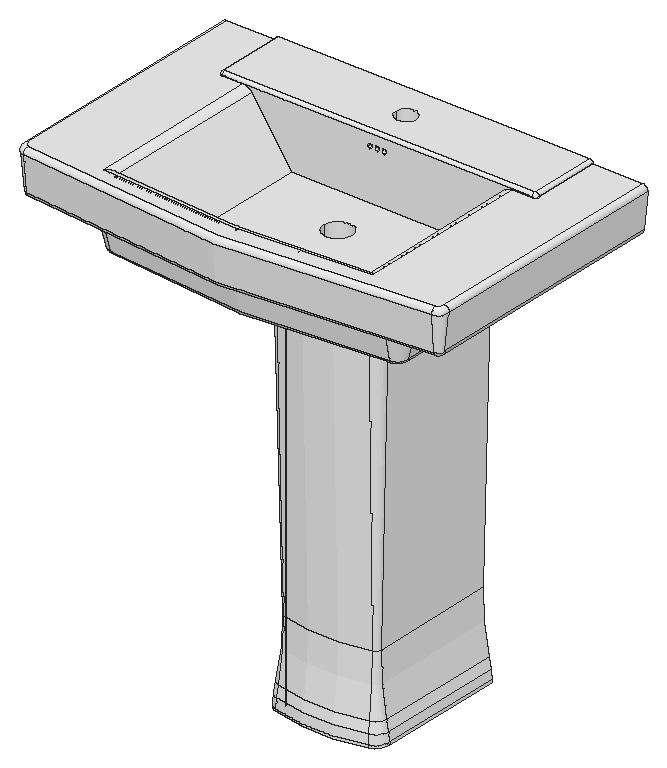
Revit family "Basin-Pedestal-American_Standard-Townsend-0328_Series", category Plumbing Fixtures, Revit 2014
Parameters (values of type "0328.100")
  Width = 19 1/2"  # constant formula
  Waste Connection Radius = 5/8"
  Waste Connection Height = 20 1/2"  # constant formula
  Waste Connection Diameter = Waste Connection Radius * 2  # 1 1/4"
  Waste Connection = yes
  WFU = 2  # constant formula
  Vent Connection = no
  URL = "https://www.americanstandard-us.com/"
  Product URL = "https://www.americanstandard-us.com/bathroom/bathroom-sinks/townsend-pedestal-sink-4-inch-centers-30992"
  Product Documentation Link = "https://www.americanstandard-us.com/-/media/sites/asus/files/product-specs/bathroom-sinks/2017/specsheet-0328800-0328400-0328100.pdf?la=en"
  Price = "Prices may vary. Please consult Manufacturer Representative for most up-to-date price list."  # constant formula
  Model = "0328.100"
  Material = "Fine-American_Standard-Fireclay"
  Manufacturer = "American Standard"  # constant formula
  Length = 30"  # constant formula
  Installation Type = "Pedestal"  # constant formula
  Hot Water Connection Width = 4"  # constant formula
  Hot Water Connection Radius = 1/4"
  Hot Water Connection Height = 22 3/4"  # constant formula
  Hot Water Connection Diameter = Hot Water Connection Radius * 2  # 1/2"
  Height = 35 1/4"  # constant formula
  HWFU = 1.5  # constant formula
  HW Connection = yes
  Faucet Holes Width = 35"
  Far Right Faucet Hole = no
  Far Left Faucet Hole = no
  Description = "Townsend Pedestal Sink - Center Hole Only"
  Default Elevation = 0"
  Creation Date = "05/05/2017"  # constant formula
  Cold Water Connection Width = 4"  # constant formula
  Cold Water Connection Radius = 1/4"
  Cold Water Connection Height = 22 3/4"  # constant formula
  Cold Water Connection Diameter = Cold Water Connection Radius * 2  # 1/2"
  CWFU = 1.5  # constant formula
  CW Connection = yes
  Basin Shape = "Rectangular"  # constant formula
  Assembly Code = "D2010310"
Types (4): name | Product URL | Model | Faucet Holes Width | Far Right Faucet Hole | Far Left Faucet Hole | Description
  (no name) | "https://www.americanstandard-us.com/bathroom/bathroom-sinks/townsend-pedestal-sink-4-inch-centers-30992" | "0328.100" | 35" | no | no | "Townsend Pedestal Sink - Center Hole Only"
  0328.800 | "https://www.americanstandard-us.com/bathroom/bathroom-sinks/townsend-pedestal-sink-8-inch-centers-30995" | "0328.800" | 8" | yes | yes | "Townsend Pedestal Sink - 8\" Centers"
  0328.400 | "https://www.americanstandard-us.com/bathroom/bathroom-sinks/townsend-pedestal-sink-4-inch-centers-30992" | "0328.400" | 4" | yes | yes | "Townsend Pedestal Sink - 4\" Centers"
  0328.100 | "https://www.americanstandard-us.com/bathroom/bathroom-sinks/townsend-pedestal-sink-4-inch-centers-30992" | "0328.100" | 35" | no | no | "Townsend Pedestal Sink - Center Hole Only"
Reference planes (in)
  plane 1 "Center (Front/Back)": y = 0
  plane 2: z = 0
  plane 3 "Center (Left/Right)": x = 0
  plane 4: y = -19.5
  plane 5: y = -8.5
  plane 6: z = 20.5
  plane 7: z = 22.75
  plane 8: z = 35.25
  plane 9: x = 17.5
  plane 10: x = -17.5
  plane 11: z = 34.5
  plane 12: x = 15
  plane 13: x = -15
  plane 14: x = 9.5
  plane 15: x = 9.5
  plane 16: x = 9.5
  plane 17: x = -9.5
  plane 18: y = -5
  plane 19: y = -17.75
  plane 20: y = -2.5
  plane 21: x = -10
  plane 22: x = 10
Forms (in)
  Sweep 1, solid, material "Fine Fireclay-American Standard-020-White"
    path origin (0, 0, 34.125) x (1, 0, 0) y (0, 1, 0)
      loop
        line (11.16556, 0) -> (11.16556, -15.3853)
        arc (11.16556, -15.3853) -> (10.81651, -16.34723) -> (9.93182, -16.86148) r 1.5
        arc (9.93182, -16.86148) -> (0, -17.75) -> (-9.93182, -16.86148) r 55.95267
        arc (-9.93182, -16.86148) -> (-10.81651, -16.34723) -> (-11.16556, -15.3853) r 1.5
        line (-11.16556, -15.3853) -> (-11.16556, 0)
    profile origin (11.16556, -7.69265, 34.125) x (1, 0, 0) y (0, 0, 1)
      loop
        line (-1.1812, -2.06712) -> (-1.1812, -4.81712) -> (-0.88598, -4.81712)
        arc (-0.88598, -4.81712) -> (-0.73224, -4.76426) -> (-0.64352, -4.62804) r 0.25
        line (-0.64352, -4.62804) -> (0, -2.06712) -> (-1.1812, -2.06712)
  Extrusion 2, solid, material "Fine Fireclay-American Standard-020-White"
    sketch origin (0, 0, 0) x (1, 0, 0) y (0, 1, 0)
      loop
        arc (-9.98437, -15.3853) -> (-9.91018, -15.58974) -> (-9.72215, -15.69904) r 0.3188
        arc (-9.72215, -15.69904) -> (0, -16.5688) -> (9.72215, -15.69904) r 54.77147
        arc (9.72215, -15.69904) -> (9.91018, -15.58974) -> (9.98437, -15.3853) r 0.3188
        line (9.98437, -15.3853) -> (9.98437, 0) -> (-9.98437, 0) -> (-9.98437, -15.3853)
    from 29.30788 to 30.88862
  Sweep 3, solid, material "Fine Fireclay-American Standard-020-White"
    path origin (0, 0, 0) x (1, 0, 0) y (0, 1, 0)
      loop
        line (-4, 0) -> (-4, -8.93712)
        arc (-4, -8.93712) -> (-3.8005, -9.53645) -> (-3.28161, -9.89665) r 1
        arc (-3.28161, -9.89665) -> (0, -10.36825) -> (3.28161, -9.89665) r 11.65318
        arc (3.28161, -9.89665) -> (3.8005, -9.53645) -> (4, -8.93712) r 1
        line (4, -8.93712) -> (4, 0)
    profile origin (-4, -4.46856, 0) x (1, 0, 0) y (0, 0, 1)
      loop
        line (0, 0) -> (0.75, 0) -> (0.75, 29.30788) -> (0, 29.30788) -> (0.5682, 5.83544)
        arc (0.5682, 5.83544) -> (0.50445, 3.70002) -> (0.2107, 1.58393) r 19.77361
        line (0.2107, 1.58393) -> (0.06182, 0.81804)
        arc (0.06182, 0.81804) -> (0.01549, 0.49851) -> (0, 0.176) r 3.36483
        line (0, 0.176) -> (0, 0)
  Extrusion 4, solid, not visible
    sketch origin (0, 0, 0) x (1, 0, 0) y (0, 0, 1)
      loop
        circle (0, 20.5) r 0.625
      loop
        circle (2, 22.75) r 0.25
      loop
        circle (-2, 22.75) r 0.25
    from 0 to -0.02766
  Sweep 5, solid, material "Fine Fireclay-American Standard-020-White"
    path origin (0, 0, 35.25) x (1, 0, 0) y (0, 1, 0)
      loop
        line (15, 0) -> (15, -17.47254)
        arc (15, -17.47254) -> (14.82542, -17.95357) -> (14.38297, -18.21066) r 0.75
        arc (14.38297, -18.21066) -> (0.00119, -19.5) -> (-14.3821, -18.22765) r 81.39083
        arc (-14.3821, -18.22765) -> (-14.82514, -17.97074) -> (-15, -17.48938) r 0.75
        line (-15, -17.48938) -> (-15, 0)
    profile origin (15, -8.73627, 35.25) x (1, 0, 0) y (0, 0, 1)
      loop
        line (-0.35263, 0) -> (-0.69646, 0) -> (-0.69646, -3.19212) -> (-0.61456, -3.19212)
        arc (-0.61456, -3.19212) -> (-0.38036, -3.10222) -> (-0.26648, -2.8787) r 0.35
        line (-0.26648, -2.8787) -> (-0.00455, -0.38658)
        arc (-0.00455, -0.38658) -> (-0.09253, -0.1158) -> (-0.35263, 0) r 0.35
  Extrusion 6, solid, material "Fine Fireclay-American Standard-020-White"
    sketch origin (0, 0, -0.375) x (1, 0, 0) y (0, 1, 0)
      loop
        arc (-14.30354, -17.48938) -> (-14.29105, -17.52374) -> (-14.25943, -17.54208) r 0.05354
        arc (-14.25943, -17.54208) -> (0.00078, -18.80354) -> (14.25949, -17.52523) r 80.69437
        arc (14.25949, -17.52523) -> (14.29107, -17.50688) -> (14.30354, -17.47254) r 0.05354
        line (14.30354, -17.47254) -> (14.30354, 0) -> (-14.30354, 0) -> (-14.30354, -17.48938)
      loop
        line (-9.5, -5) -> (-9.5, -17.40568)
        arc (-9.5, -17.40568) -> (0, -18.01619) -> (9.5, -17.40568) r 74.21865
        line (9.5, -17.40568) -> (9.5, -5) -> (-9.5, -5)
    from 32.43288 to 35.625
  Extrusion 7, void
    sketch origin (0, 0, -0.375) x (1, 0, 0) y (0, 1, 0)
      loop
        circle (0, -2.5) r 0.75
      loop
        circle (17.5, -2.5) r 0.75
      loop
        circle (-17.5, -2.5) r 0.75
    from 29.30788 to 36.27251
  Extrusion 8, void
    sketch origin (0, 0, -0.375) x (1, 0, 0) y (0, 1, 0)
      loop
        circle (0, -8.5) r 1
    from 29.30788 to 32.76529
  Extrusion 9, void
    sketch origin (0, 0, 0.875) x (1, 0, 0) y (0, 0, 1)
      loop
        circle (0, 33.625) r 0.17393
      loop
        circle (0.5, 33.625) r 0.17393
      loop
        circle (-0.5, 33.625) r 0.17393
    from 4.79983 to 6.79065
  Extrusion 10, solid, material "Fine Fireclay-American Standard-020-White"
    sketch origin (0, 0, 0) x (1, 0, 0) y (0, 0, 1)
      loop
        arc (-5.41487, 30.41082) -> (-5.73361, 30.50721) -> (-5.9792, 30.73208) r 0.75
        line (-5.9792, 30.73208) -> (-8.88336, 34.92691)
        arc (-8.88336, 34.92691) -> (-9.15192, 35.16434) -> (-9.5, 35.25) r 0.75
        line (-9.5, 35.25) -> (-10.71577, 35.25) -> (-10.71577, 35.125) -> (-9.5, 35.125)
        arc (-9.5, 35.125) -> (-9.20994, 35.05361) -> (-8.98613, 34.85576) r 0.625
        line (-8.98613, 34.85576) -> (-6.08197, 30.66093)
        arc (-6.08197, 30.66093) -> (-5.79545, 30.39858) -> (-5.42359, 30.28613) r 0.875
        line (-5.42359, 30.28613) -> (-1.00275, 29.97699)
        arc (-1.00275, 29.97699) -> (0, 29.94197) -> (1.00275, 29.97699) r 14.375
        line (1.00275, 29.97699) -> (5.42359, 30.28613)
        arc (5.42359, 30.28613) -> (5.79545, 30.39858) -> (6.08197, 30.66093) r 0.875
        line (6.08197, 30.66093) -> (8.98613, 34.85576)
        arc (8.98613, 34.85576) -> (9.20994, 35.05361) -> (9.5, 35.125) r 0.625
        line (9.5, 35.125) -> (10.14944, 35.125) -> (10.14944, 35.25) -> (9.5, 35.25)
        arc (9.5, 35.25) -> (9.15192, 35.16434) -> (8.88336, 34.92691) r 0.75
        line (8.88336, 34.92691) -> (5.9792, 30.73208)
        arc (5.9792, 30.73208) -> (5.73361, 30.50721) -> (5.41487, 30.41082) r 0.75
        line (5.41487, 30.41082) -> (0.99403, 30.10169)
        arc (0.99403, 30.10169) -> (0, 30.06697) -> (-0.99403, 30.10169) r 14.25
        line (-0.99403, 30.10169) -> (-5.41487, 30.41082)
    from 4.30355 to 17.52047
  Sweep 11, solid, material "Fine Fireclay-American Standard-020-White"
    path origin (0, -0.5, 35.25) x (1, 0, 0) y (0, 1, 0)
      loop
        arc (-10, -16.72074) -> (0, -17.39859) -> (10, -16.72074) r 74.10105
    profile origin (0, -17.89859, 35.25) x (0, 1, 0) y (0, 0, 1)
      loop
        arc (0.61664, -0.32309) -> (0.34808, -0.08566) -> (0, 0) r 0.75
        line (0, 0) -> (-0.1176, 0) -> (-0.1176, -0.25) -> (0, -0.25)
        arc (0, -0.25) -> (0.23205, -0.30711) -> (0.41109, -0.46539) r 0.5
        line (0.41109, -0.46539) -> (3.10836, -4.36138) -> (3.41243, -4.36138) -> (0.61664, -0.32309)
  Extrusion 12, solid, material "Fine Fireclay-American Standard-020-White"
    sketch origin (0, 0, 0) x (1, 0, 0) y (0, 0, 1)
      loop
        line (-9.98437, 30.88862) -> (9.9976, 30.88862) -> (9.9976, 32.05788) -> (-9.98437, 32.05788) -> (-9.98437, 30.88862)
    from 0 to 5
  Sweep 13, solid, material "Fine Fireclay-American Standard-020-White"
    path origin (0, 0, 35.25) x (1, 0, 0) y (0, 1, 0)
      loop
        line (-11.16556, 0) -> (-11.16556, -4.75)
        arc (-11.16556, -4.75) -> (-11.09234, -4.92678) -> (-10.91556, -5) r 0.25
        line (-10.91556, -5) -> (10.91556, -5)
        arc (10.91556, -5) -> (11.09234, -4.92678) -> (11.16556, -4.75) r 0.25
        line (11.16556, -4.75) -> (11.16556, 0)
    profile origin (-11.16556, -2.375, 35.25) x (1, 0, 0) y (0, 0, 1)
      loop
        line (0, 0) -> (0.24657, 0) -> (0.24657, 0.25) -> (0.21457, 0.25)
        arc (0.21457, 0.25) -> (0.06285, 0.18715) -> (0, 0.03543) r 0.21457
        line (0, 0.03543) -> (0, 0)
  Extrusion 14, solid, material "Fine Fireclay-American Standard-020-White"
    sketch origin (0, 0, 35.25) x (1, 0, 0) y (0, 1, 0)
      loop
        line (-10.91899, -4.75343) -> (10.91899, -4.75343) -> (10.91899, 0) -> (-10.91899, 0) -> (-10.91899, -4.75343)
    from 0 to 0.25
  Extrusion 15, solid, material "Fine Fireclay-American Standard-020-White"
    sketch origin (0, 0, 0) x (1, 0, 0) y (0, 1, 0)
      loop
        arc (-9.5, -17.40568) -> (0, -18.01619) -> (9.5, -17.40568) r 74.21865
        line (9.5, -17.40568) -> (9.5, -15.73864) -> (-9.5, -15.73864) -> (-9.5, -17.40568)
    from 32.05788 to 32.2251
  Extrusion 16, void
    sketch origin (0, 0, 0) x (0, 1, 0) y (0, 0, 1)
      loop
        line (-16.21769, 32.05788) -> (-17.96769, 32.05788) -> (-17.96769, 29.79933) -> (-16.21769, 29.79933) -> (-16.21769, 32.05788)
    from -10.48315 to 12
Cuts and joins
  Extrusion 7, Extrusion 8, Extrusion 9 cuts Sweep 1
  Extrusion 7, Extrusion 8, Extrusion 9 cuts Extrusion 2
  Extrusion 7, Extrusion 8 cuts Sweep 3
  Extrusion 7, Extrusion 8, Extrusion 9 cuts Sweep 5
  Extrusion 7, Extrusion 8, Extrusion 9 cuts Extrusion 6
  Extrusion 7, Extrusion 8, Extrusion 9, Extrusion 16 cuts Extrusion 10
  Extrusion 7, Extrusion 8, Extrusion 9, Extrusion 16 cuts Sweep 11
  Extrusion 7, Extrusion 8, Extrusion 9 cuts Extrusion 12
  Extrusion 7, Extrusion 8 cuts Sweep 13
  Extrusion 7, Extrusion 8 cuts Extrusion 14
  Extrusion 7 cuts Extrusion 15
  joined: Sweep 1, Extrusion 2, Sweep 3, Sweep 5, Extrusion 6, Extrusion 10, Sweep 11, Extrusion 12, Sweep 13, Extrusion 14, Extrusion 15
Lines and regions (in)
  Masking region 1
    outline origin (0, 0, 0) x (1, 0, 0) y (0, 1, 0)
      loop
        line (-14.99545, 0) -> (-14.99545, -17.50156)
        arc (-14.99545, -17.50156) -> (-14.82559, -17.96953) -> (-14.39511, -18.21958) r 0.72954
        arc (-14.39511, -18.21958) -> (-0.00505, -19.5) -> (14.38361, -18.20409) r 81.01147
        arc (14.38361, -18.20409) -> (14.82563, -17.94686) -> (15, -17.46609) r 0.75
        line (15, -17.46609) -> (15, 0) -> (-14.99545, 0)
  symbolic lines, detail levels medium+fine
    curve 1: line (-11.16556, 0, 0) -> (-11.16556, -4.75, 0)
    curve 2: line (11.16556, -4.75, 0) -> (11.16556, 0, 0)
    curve 3: arc (10.91556, -5, 0) -> (11.09234, -4.92678, 0) -> (11.16556, -4.75, 0) r 0.25
    curve 4: line (-9.5, -5, 0) -> (9.5, -5, 0)
    curve 5: arc (-11.16556, -4.75, 0) -> (-11.09234, -4.92678, 0) -> (-10.91556, -5, 0) r 0.25
    curve 8: circle (0, -8.5, 0) r 1 normal (0, 0, 1)
    curve 9: circle (0, -2.5, 0) r 0.75 normal (0, 0, 1)
    curve 10: line (-9.5, -5, 0) -> (-10.91556, -5, 0)
    curve 11: line (10.91556, -5, 0) -> (9.5, -5, 0)
    curve 12: arc (-8.60563, -17.29682, 0) -> (0.00089, -17.75, 0) -> (8.60684, -17.2863, 0) r 81.01102
    curve 13: line (-9.5, -5, 0) -> (-9.5, -16.30242, 0)
    curve 14: line (9.5, -5, 0) -> (9.5, -16.29202, 0)
    curve 15: arc (-9.5, -16.30242, 0) -> (-9.24351, -16.97114, 0) -> (-8.60563, -17.29682, 0) r 1
    curve 16: arc (8.60684, -17.2863, 0) -> (9.24392, -16.96029, 0) -> (9.5, -16.29202, 0) r 1
  symbolic lines, detail levels fine
    curve 6: line (-6.58517, -13.80823, 0) -> (-6.58517, -7.06479, 0)
    curve 7: line (6.58517, -7.06479, 0) -> (6.58517, -13.80142, 0)
    curve 17: arc (-5.65436, -14.80583, 0) -> (0.00073, -15, 0) -> (5.65558, -14.79894, 0) r 81.01102
    curve 18: line (-5.58517, -6.06479, 0) -> (5.58517, -6.06479, 0)
    curve 19: arc (-6.58517, -13.80823, 0) -> (-6.31633, -14.49043, 0) -> (-5.65436, -14.80583, 0) r 1
    curve 20: arc (5.65558, -14.79894, 0) -> (6.31674, -14.48318, 0) -> (6.58517, -13.80142, 0) r 1
    curve 21: arc (-6.58517, -7.06479, 0) -> (-6.29227, -6.35768, 0) -> (-5.58517, -6.06479, 0) r 1
    curve 22: arc (5.58517, -6.06479, 0) -> (6.29227, -6.35768, 0) -> (6.58517, -7.06479, 0) r 1
    curve 25: spline (-0.67157, -5.14557, 0) -> (-0.64062, -5.11192, 0) -> (-0.57202, -5.089, 0) -> (-0.48413, -5.08294, 0) -> (-0.4005, -5.09538, 0) -> (-0.3435, -5.12297, 0) -> (-0.32841, -5.15834, 0) -> (-0.35925, -5.192, 0) -> (-0.42778, -5.21496, 0) -> (-0.51565, -5.22106, 0) -> (-0.59932, -5.20867, 0) -> (-0.65641, -5.1811, 0) -> (-0.67157, -5.14557, 0)
    curve 26: spline (0.17161, -5.14574, 0) -> (0.15641, -5.1811, 0) -> (0.09932, -5.20867, 0) -> (0.01565, -5.22106, 0) -> (-0.07222, -5.21496, 0) -> (-0.14075, -5.192, 0) -> (-0.17159, -5.15834, 0) -> (-0.1565, -5.12297, 0) -> (-0.0995, -5.09538, 0) -> (-0.01587, -5.08294, 0) -> (0.07202, -5.089, 0) -> (0.14062, -5.11192, 0) -> (0.17161, -5.14574, 0)
    curve 27: spline (0.67161, -5.14574, 0) -> (0.65641, -5.1811, 0) -> (0.59932, -5.20867, 0) -> (0.51565, -5.22106, 0) -> (0.42778, -5.21496, 0) -> (0.35925, -5.192, 0) -> (0.32841, -5.15834, 0) -> (0.3435, -5.12297, 0) -> (0.4005, -5.09538, 0) -> (0.48413, -5.08294, 0) -> (0.57202, -5.089, 0) -> (0.64062, -5.11192, 0) -> (0.67161, -5.14574, 0)
  symbolic lines, visible <- "Far Left Faucet Hole", detail levels medium+fine
    curve 23: circle (-17.5, -2.5, 0) r 0.75 normal (0, 0, 1)
  symbolic lines, visible <- "Far Right Faucet Hole", detail levels medium+fine
    curve 24: circle (17.5, -2.5, 0) r 0.75 normal (0, 0, 1)
Dimensions and locks (in)
  plane 5 to plane 1 "Center (Front/Back)" = 8 1/2"
  "Width": plane 4 to plane 1 "Center (Front/Back)"
  plane 6 to plane 2 = 20 1/2"
  plane 7 to plane 2 = 22 3/4"
  plane 10 to plane 9 = 35"
  "Faucet Holes Width": plane 10 to plane 9
  equal spacing: plane 10, plane 3 "Center (Left/Right)", plane 9
  "Length": plane 13 to plane 12
  "Height": plane 8 to plane 2
  plane 18 to plane 1 "Center (Front/Back)" = 5"
  plane 19 to plane 18 = 12 3/4"
  aligned and locked: plane 9 to Extrusion 7 sketch curve
  aligned and locked: plane 10 to Extrusion 7 sketch curve
  aligned and locked: curve 23 to cut or joined group 1 (Sweep 1, Extrusion 2, Sweep 3, Sweep 5, Extrusion 6, Extrusion 7, Extrusion 8, Extrusion 9, Extrusion 10, Sweep 11, Extrusion 12, Sweep 13, Extrusion 14, Extrusion 15, Extrusion 16)
  aligned and locked: curve 24 to cut or joined group 1
Automatic sketch dimensions
  plane 1 "Center (Front/Back)" to curve 1 = 0"
  plane 18 to curve 10 = 0"
  curve 13 to plane 17 = 0"
  curve 8 to plane 3 "Center (Left/Right)" = 0"
  curve 9 to plane 3 "Center (Left/Right)" = 0"
  curve 16 to plane 14 = 0"
  plane 1 "Center (Front/Back)" to curve 2 = 0"
  plane 5 to curve 8 = 0"
  plane 20 to curve 9 = 0"
  curve 10 to curve 4 = 1.41556"
  curve 1 to curve 5 = 1/4"
  plane 17 to curve 15 = 1"
  plane 17 to curve 6 = 2.91483"
  curve 21 to curve 18 = 1"
  curve 19 to curve 19 = 1"
  curve 12 to plane 3 "Center (Left/Right)" = 0.04864"
  curve 17 to plane 3 "Center (Left/Right)" = 0.04864"
  plane 18 to curve 18 = 1.06479"
  curve 18 to plane 14 = 3.91483"
  curve 20 to plane 14 = 3.91483"
  curve 22 to curve 7 = 1"
  curve 16 to curve 14 = 1"
  plane 14 to curve 11 = 1.41556"
  curve 2 to plane 18 = 1/4"
  curve 7 to plane 19 = 3.94858"
  curve 6 to plane 19 = 3.94177"
  curve 14 to plane 19 = 1.45798"
  curve 15 to plane 19 = 1.44758"
  curve 12 to plane 1 "Center (Front/Back)" = 63.261"
  curve 12 to curve 17 = 2 3/4"
  curve 12 to curve 15 = 0"
  curve 17 to curve 19 = 0"
  plane 1 "Center (Front/Back)" to Sweep 1 sketch curve = 0"  (x2)
  Sweep 1 sketch curve to plane 3 "Center (Left/Right)" = 0"
  Sweep 1 sketch curve to plane 17 = 0.16556"
  Sweep 1 sketch curve to Sweep 1 sketch curve = 1 1/2"  (x2)
  plane 14 to Sweep 1 sketch curve = 0.16556"
  Sweep 1 sketch curve to plane 19 = 2.3647"  (x2)
  Sweep 1 sketch curve to plane 1 "Center (Front/Back)" = 38.20267"
  Sweep 1 sketch curve to Sweep 1 sketch curve = 0"
  profile plane to Sweep 1 sketch curve = 0"
  profile plane to Sweep 1 sketch curve = 0.64352"
  Sweep 1 sketch curve to Sweep 1 sketch curve = 0.24246"
  profile plane to Sweep 1 sketch curve = 1.1812"
  Sweep 1 sketch curve to profile plane = 4.81712"
  Sweep 1 sketch curve to Sweep 1 sketch curve = 0.18907"
  Sweep 1 sketch curve to profile plane = 2.06712"
  plane 1 "Center (Front/Back)" to Extrusion 2 sketch curve = 0"
  Extrusion 2 sketch curve to plane 3 "Center (Left/Right)" = 0"
  Extrusion 2 sketch curve to plane 17 = 0.16556"
  Extrusion 2 sketch curve to Extrusion 2 sketch curve = 0.3188"
  plane 14 to Extrusion 2 sketch curve = 0.16556"
  plane 14 to Extrusion 2 sketch curve = 31/64"
  Extrusion 2 sketch curve to plane 19 = 2.3647"  (x2)
  Extrusion 2 sketch curve to plane 1 "Center (Front/Back)" = 38.20267"
  Extrusion 2 sketch curve to Extrusion 2 sketch curve = 0"
  plane 1 "Center (Front/Back)" to Sweep 3 sketch curve = 0"  (x2)
  Sweep 3 sketch curve to plane 3 "Center (Left/Right)" = 0"
  plane 5 to Sweep 3 sketch curve = 0.43712"  (x2)
  Sweep 3 sketch curve to plane 3 "Center (Left/Right)" = 3"
  Sweep 3 sketch curve to Sweep 3 sketch curve = 1"  (x2)
  plane 3 "Center (Left/Right)" to Sweep 3 sketch curve = 3"
  Sweep 3 sketch curve to plane 1 "Center (Front/Back)" = 1.28492"
  Sweep 3 sketch curve to Sweep 3 sketch curve = 0"
  Sweep 3 sketch curve to level = 0"
  profile plane to Sweep 3 sketch curve = 0"  (x2)
  level to Sweep 3 sketch curve = 5.35692"
  profile plane to Sweep 3 sketch curve = 19.19962"
  Sweep 3 sketch curve to profile plane = 0.06182"
  Sweep 3 sketch curve to profile plane = 0.2107"
  Sweep 3 sketch curve to profile plane = 0.5682"
  Sweep 3 sketch curve to profile plane = 3/4"
  level to Sweep 3 sketch curve = 0.176"
  Sweep 3 sketch curve to Sweep 3 sketch curve = 2.61483"
  Sweep 3 sketch curve to Sweep 3 sketch curve = 0.76589"
  Sweep 3 sketch curve to Sweep 3 sketch curve = 23.47245"
  Extrusion 4 sketch curve to plane 7 = 0"  (x2)
  Extrusion 4 sketch curve to plane 3 "Center (Left/Right)" = 0"
  Extrusion 4 sketch curve to plane 6 = 0"
  Extrusion 4 sketch curve to plane 3 "Center (Left/Right)" = 2"
  plane 3 "Center (Left/Right)" to Extrusion 4 sketch curve = 2"
  Sweep 5 sketch curve to plane 13 = 0"
  Sweep 5 sketch curve to plane 12 = 0"
  plane 1 "Center (Front/Back)" to Sweep 5 sketch curve = 0"  (x2)
  Sweep 5 sketch curve to plane 19 = 0.26062"
  Sweep 5 sketch curve to plane 13 = 3/4"
  Sweep 5 sketch curve to plane 3 "Center (Left/Right)" = 3/64"
  Sweep 5 sketch curve to plane 19 = 0.27746"
  Sweep 5 sketch curve to Sweep 5 sketch curve = 3/4"
  Sweep 5 sketch curve to plane 1 "Center (Front/Back)" = 61.89082"
  Sweep 5 sketch curve to Sweep 5 sketch curve = 0"
  Sweep 5 sketch curve to profile plane = 0"
  profile plane to Sweep 5 sketch curve = 0.69646"
  Sweep 5 sketch curve to Sweep 5 sketch curve = 0.0819"
  Sweep 5 sketch curve to Sweep 5 sketch curve = 0.34384"
  profile plane to Sweep 5 sketch curve = 0.26648"
  profile plane to Sweep 5 sketch curve = 0.00455"
  Sweep 5 sketch curve to profile plane = 0.35"
  Sweep 5 sketch curve to Sweep 5 sketch curve = 2.49212"
  Sweep 5 sketch curve to Sweep 5 sketch curve = 0.03658"
  plane 1 "Center (Front/Back)" to Extrusion 6 sketch curve = 0"
  Extrusion 6 sketch curve to plane 17 = 0"
  Extrusion 6 sketch curve to plane 3 "Center (Left/Right)" = 0"
  Extrusion 6 sketch curve to plane 14 = 0"
  plane 18 to Extrusion 6 sketch curve = 0"
  Extrusion 6 sketch curve to plane 13 = 3/4"
  Extrusion 6 sketch curve to Extrusion 6 sketch curve = 0.05354"  (x2)
  Extrusion 6 sketch curve to plane 3 "Center (Left/Right)" = 3/64"
  Extrusion 6 sketch curve to plane 12 = 3/4"
  Extrusion 6 sketch curve to plane 19 = 0.34432"
  Extrusion 6 sketch curve to plane 19 = 0.27746"
  Extrusion 6 sketch curve to plane 19 = 0.26062"
  Extrusion 6 sketch curve to plane 1 "Center (Front/Back)" = 56.20246"
  Extrusion 6 sketch curve to Extrusion 6 sketch curve = 5.68836"
  Extrusion 6 sketch curve to Extrusion 6 sketch curve = 0"
  Extrusion 8 sketch curve to plane 3 "Center (Left/Right)" = 0"
  plane 5 to Extrusion 8 sketch curve = 0"
  Extrusion 9 sketch curve to plane 11 = 0"  (x3)
  Extrusion 9 sketch curve to plane 3 "Center (Left/Right)" = 0"
  Extrusion 9 sketch curve to plane 3 "Center (Left/Right)" = 1/2"
  Extrusion 9 sketch curve to Extrusion 9 sketch curve = 1/2"
  Extrusion 10 sketch curve to Extrusion 10 sketch curve = 0"  (x10)
  Extrusion 10 sketch curve to plane 8 = 0"  (x2)
  Extrusion 10 sketch curve to plane 17 = 0"
  Extrusion 10 sketch curve to plane 3 "Center (Left/Right)" = 0"
  Extrusion 10 sketch curve to plane 14 = 0"
  Extrusion 10 sketch curve to plane 8 = 1/8"  (x2)
  Extrusion 10 sketch curve to Extrusion 10 sketch curve = 1.21577"
  Extrusion 10 sketch curve to plane 8 = 0.39424"
  plane 17 to Extrusion 10 sketch curve = 0.51387"
  Extrusion 10 sketch curve to plane 8 = 0.32309"  (x2)
  plane 17 to Extrusion 10 sketch curve = 3.41803"
  Extrusion 10 sketch curve to Extrusion 10 sketch curve = 0.10277"  (x3)
  Extrusion 10 sketch curve to Extrusion 10 sketch curve = 0.5556"
  Extrusion 10 sketch curve to Extrusion 10 sketch curve = 0.00872"  (x4)
  Extrusion 10 sketch curve to Extrusion 10 sketch curve = 0.05232"  (x2)
  Extrusion 10 sketch curve to plane 3 "Center (Left/Right)" = 1.00275"
  plane 3 "Center (Left/Right)" to Extrusion 10 sketch curve = 0.99403"
  Extrusion 10 sketch curve to plane 14 = 4.13744"
  Extrusion 10 sketch curve to Extrusion 10 sketch curve = 0.56432"
  Extrusion 10 sketch curve to plane 14 = 0.61664"
  Extrusion 10 sketch curve to Extrusion 10 sketch curve = 0.64944"
  Extrusion 10 sketch curve to plane 8 = 4.09101"  (x2)
  Extrusion 10 sketch curve to Extrusion 10 sketch curve = 0.42691"  (x2)
  Extrusion 10 sketch curve to Extrusion 10 sketch curve = 0.07115"  (x2)
  Extrusion 10 sketch curve to Extrusion 10 sketch curve = 0.30914"
  Extrusion 10 sketch curve to Extrusion 10 sketch curve = 0.1247"
  plane 8 to Extrusion 10 sketch curve = 9.06697"
  Sweep 11 sketch curve to plane 21 = 0"
  Sweep 11 sketch curve to plane 3 "Center (Left/Right)" = 0"
  Sweep 11 sketch curve to plane 22 = 0"
  Sweep 11 sketch curve to plane 1 "Center (Front/Back)" = 56.20246"
  Sweep 11 sketch curve to plane 19 = 0.52926"
  Sweep 11 sketch curve to Sweep 11 sketch curve = 0"  (x2)
  Sweep 11 sketch curve to profile plane = 0"  (x2)
  Sweep 11 sketch curve to Sweep 11 sketch curve = 0.1176"
  Sweep 11 sketch curve to profile plane = 0.41109"
  Sweep 11 sketch curve to profile plane = 0.32309"
  Sweep 11 sketch curve to Sweep 11 sketch curve = 0.20555"
  Sweep 11 sketch curve to Sweep 11 sketch curve = 0.30407"
  Sweep 11 sketch curve to Sweep 11 sketch curve = 0.1423"
  Extrusion 12 sketch curve to plane 17 = 31/64"
  plane 14 to Extrusion 12 sketch curve = 0.4976"
  Extrusion 12 sketch curve to plane 8 = 4.36138"
  Extrusion 12 sketch curve to Extrusion 12 sketch curve = 1.16927"
  plane 1 "Center (Front/Back)" to Sweep 13 sketch curve = 0"  (x2)
  plane 18 to Sweep 13 sketch curve = 0"
  Sweep 13 sketch curve to plane 18 = 1/4"  (x2)
  Sweep 13 sketch curve to plane 17 = 1.66556"
  plane 14 to Sweep 13 sketch curve = 1.41556"
  profile plane to Sweep 13 sketch curve = 0"
  Sweep 13 sketch curve to profile plane = 0"
  Sweep 13 sketch curve to profile plane = 0.21457"
  Sweep 13 sketch curve to Sweep 13 sketch curve = 0.032"
  profile plane to Sweep 13 sketch curve = 0.03543"
  plane 1 "Center (Front/Back)" to Extrusion 14 sketch curve = 0"
  Extrusion 14 sketch curve to plane 17 = 1.41899"
  Extrusion 14 sketch curve to plane 18 = 0.24657"
  plane 14 to Extrusion 14 sketch curve = 1.41899"
  plane 1 "Center (Front/Back)" to Masking region 1 sketch curve = 0"
  Masking region 1 sketch curve to plane 12 = 0"
  Masking region 1 sketch curve to plane 19 = 0.28391"
  Masking region 1 sketch curve to Masking region 1 sketch curve = 3/4"
  Masking region 1 sketch curve to plane 3 "Center (Left/Right)" = 0.04864"
  Masking region 1 sketch curve to plane 19 = 0.24844"
  Masking region 1 sketch curve to plane 13 = 0.73409"
  Masking region 1 sketch curve to plane 13 = 0.00455"
  Masking region 1 sketch curve to plane 1 "Center (Front/Back)" = 61.51145"
  Masking region 1 sketch curve to Masking region 1 sketch curve = 0"
  Extrusion 15 sketch curve to plane 17 = 0"
  Extrusion 15 sketch curve to plane 3 "Center (Left/Right)" = 0"
  Extrusion 15 sketch curve to plane 14 = 0"
  Extrusion 15 sketch curve to plane 19 = 0.34432"
  Extrusion 15 sketch curve to Extrusion 15 sketch curve = 1.66704"
  Extrusion 15 sketch curve to plane 1 "Center (Front/Back)" = 56.20246"
  Sweep 11 sketch curve to profile plane = 4.36138"
  Sweep 11 sketch curve to profile plane = 3.10836"
  plane 19 to Extrusion 16 sketch curve = 0.21769"
  Extrusion 16 sketch curve to plane 19 = 1.53231"
  plane 7 to Extrusion 16 sketch curve = 7.04933"
  Extrusion 16 sketch curve to Extrusion 16 sketch curve = 2.25855"
  curve 26 to plane 3 "Center (Left/Right)" = 0"
  plane 18 to curve 25 = 0.14574"
  curve 25 to plane 3 "Center (Left/Right)" = 0.67161"
  curve 25 to curve 25 = 0.00004"
  curve 25 to curve 25 = 0.17157"
  curve 25 to curve 25 = 0.17232"
  plane 3 "Center (Left/Right)" to curve 26 = 0.17157"
  curve 26 to curve 26 = 0.00004"
  curve 26 to curve 26 = 0.0007"
  plane 18 to curve 27 = 0.152"
  curve 26 to curve 27 = 0.32768"
  curve 27 to curve 27 = 0.17157"
  curve 27 to curve 27 = 0.00004"
  curve 27 to curve 27 = 0.0007"
  plane 18 to curve 26 = 0.152"
  curve 25 to curve 26 = 0"
  curve 27 to curve 27 = 0.00625"
  curve 26 to curve 26 = 0.00625"
  Extrusion 7 sketch curve to plane 3 "Center (Left/Right)" = 0"
  plane 20 to Extrusion 7 sketch curve = 0"  (x3)
  radius of curve 8 = 1"
  radius of curve 9 = 3/4"
  radius of Extrusion 4 sketch curve = 5/8"
  radius of Extrusion 4 sketch curve = 1/4"  (x2)
  radius of Extrusion 8 sketch curve = 1"
  radius of Extrusion 9 sketch curve = 0.17393"  (x3)
  radius of Extrusion 7 sketch curve = 3/4"  (x3)
Connectors (in)
  piping at (-2, 0.02766, 22.75), diameter 0.5, driven by "HWFU", driven by "Hot Water Connection Diameter"
    settings: on Extrusion 4, index 1, connector inside diameter 24", connector length 0", flow factor 0, pipe flow 0 GPM, pressure drop 0.00 psi, fitting loss kfactor 0, connector angle 0.00°, fixture units 1.5, engagement length 0", angle of deflection 0.00°, flow configuration 3, flow direction 1, fitting loss method 0, system type 19, joint type 0, gender type 0, connector reference index -1, connector utility 0, adjustable connector no, is connector primary yes, connector description "1/2\" HW Inlet Supply"
  piping at (0, 0.02766, 20.5), diameter 1.25, driven by "WFU", driven by "Waste Connection Diameter"
    settings: on Extrusion 4, index 2, connector inside diameter 24", connector length 0", flow factor 0, pipe flow 0 GPM, pressure drop 0.00 psi, fitting loss kfactor 0, connector angle 0.00°, fixture units 2, engagement length 0", angle of deflection 0.00°, flow configuration 3, flow direction 2, fitting loss method 0, system type 16, joint type 0, gender type 0, connector reference index -1, connector utility 0, adjustable connector yes, is connector primary no, connector description "1-1/4\" Waste Outlet"
  piping at (2, 0.02766, 22.75), diameter 0.5, driven by "CWFU", driven by "Cold Water Connection Diameter"
    settings: on Extrusion 4, index 3, connector inside diameter 24", connector length 0", flow factor 0, pipe flow 0 GPM, pressure drop 0.00 psi, fitting loss kfactor 0, connector angle 0.00°, fixture units 1.5, engagement length 0", angle of deflection 0.00°, flow configuration 3, flow direction 1, fitting loss method 0, system type 20, joint type 0, gender type 0, connector reference index -1, connector utility 0, adjustable connector no, is connector primary no, connector description "1/2\" CW Inlet Supply"
